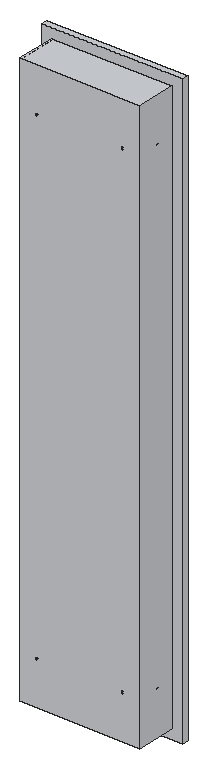
Revit family "AX9233E94_0013", category Appareils sanitaires, Revit 2016
Family settings
  Hôte = Mur
  Type d'élément = Normal
  Cote de connecteur circulaire = Utiliser le diamètre
  Numéro OmniClass = 23.75.00.00
  Titre OmniClass = Climate Control (HVAC)
  Toujours verticalement = Oui
  Couper avec des vides une fois chargée = Non
  Partagée = Non
  Point de calcul de pièce = Non
Parameters (values of type "Type 1")
  URL = "https://www.axeuro.com/fr/combines-2-en-1/15501-combine-distributeur-d-essuie-mains-et-poubelle-ax9233e94.html?search_query=ax9233e94&results=3"
  Modèle = "AX9233E94"  # constant formula
  Matériaux = "\tEn inox 304 (18/10) Bactériostatique"  # constant formula
  Finition = "\tBrossé Poli Satiné HyperPolish"  # constant formula
  Fabricant = "Axeuro"  # constant formula
  Description = "Combiné distributeur d'essuie-mains et poubelle"  # constant formula
Reference planes
  plane 1 "Mur": y = 0
  plane 2 "Centre (gauche/droite)": x = 0
  plane 3 "Arrière": y = 75
  plane 4: z = 0
  plane 5: x = 400
  plane 6: z = 2240
  plane 7: x = -400
Forms (mm)
  Extrusion 1, solid
    sketch origin (-694.809, 76.008, 105.613) x (1, 0, 0) y (0, 0, 1)
      loop
        line (859.809, 1894.65) -> (529.809, 1894.65) -> (529.809, 497.164) -> (859.809, 497.164) -> (859.809, 1894.65)
    from -13.992 to 1.008
  Extrusion 2, solid
    sketch origin (820.378, 76.008, -21.708) x (1, 0, 0) y (0, 0, 1)
      loop
        line (-679.378, 1998.472) -> (-961.378, 1998.472) -> (-961.378, 647.986) -> (-679.378, 647.986) -> (-679.378, 1998.472)
    from 1.008 to 95.008
  Extrusion 3, void
    sketch origin (-18.054, 76.008, -110) x (1, 0, 0) y (0, 0, 1)
      loop
        line (134.919, 1607.895) -> (-98.811, 1607.895)
        arc (-98.811, 1607.895) -> (-104.563, 1605.512) -> (-106.946, 1599.76) r 8.135
        line (-106.946, 1599.76) -> (-106.946, 1366.03)
        arc (-106.946, 1366.03) -> (-104.563, 1360.277) -> (-98.811, 1357.895) r 8.135
        line (-98.811, 1357.895) -> (134.919, 1357.895)
        arc (134.919, 1357.895) -> (140.672, 1360.277) -> (143.054, 1366.03) r 8.135
        line (143.054, 1366.03) -> (143.054, 1599.76)
        arc (143.054, 1599.76) -> (140.672, 1605.512) -> (134.919, 1607.895) r 8.135
    from -28.21 to 15.861
  Extrusion 4, solid
    sketch origin (-15.854, 75, 172.757) x (1, 0, 0) y (0, 0, 1)
      loop
        circle (125.604, 1575.159) r 8.25
    from -15 to -12.919
  Extrusion 5, void
    sketch origin (-18.772, 75, 215.727) x (1, 0, 0) y (0, 0, 1)
      loop
        line (129.522, 1537.139) -> (127.522, 1537.139) -> (127.522, 1527.239) -> (129.522, 1527.239) -> (129.522, 1537.139)
    from -15 to -12.919
  Extrusion 6, solid, not visible
    sketch origin (2.754, 75, -43.399) x (1, 0, 0) y (0, 0, 1)
      loop
        circle (125.604, 1575.159) r 8.25
    from -15 to -12.919
  Extrusion 7, void, not visible
    sketch origin (-0.165, 75, -0.43) x (1, 0, 0) y (0, 0, 1)
      loop
        line (129.522, 1537.139) -> (127.522, 1537.139) -> (127.522, 1527.239) -> (129.522, 1527.239) -> (129.522, 1537.139)
    from -15 to -12.919
  Extrusion 8, solid
    sketch origin (-15.854, 75, -408.131) x (1, 0, 0) y (0, 0, 1)
      loop
        circle (125.604, 1575.159) r 8.25
    from -15 to -12.919
  Extrusion 9, void
    sketch origin (-18.772, 75, -365.162) x (1, 0, 0) y (0, 0, 1)
      loop
        line (129.522, 1537.139) -> (127.522, 1537.139) -> (127.522, 1527.239) -> (129.522, 1527.239) -> (129.522, 1537.139)
    from -15 to -12.919
  Extrusion 10, void
    sketch origin (0, 76.008, 0) x (1, 0, 0) y (0, 0, 1)
      loop
        line (125, 1497.895) -> (-125, 1497.895) -> (-125, 1247.895) -> (125, 1247.895) -> (125, 1497.895)
    from -13.992 to 85.1
  Extrusion 11, void
    sketch origin (0, 7.355, -10.751) x (0, 1, 0) y (0, 0, 1)
      loop
        circle (21.632, 1883.772) r 3
    from 139.1 to 140.963
  Extrusion 12, void
    sketch origin (0, 76.008, 0) x (1, 0, 0) y (0, 0, 1)
      loop
        line (139.1, 1974.864) -> (-139.1, 1974.864) -> (-139.1, 628.178) -> (139.1, 628.178) -> (139.1, 1974.864)
    from -12.092 to 93.108
  Extrusion 13, void
    sketch origin (1.96, -94, -22.853) x (1, 0, 0) y (0, 0, 1)
      loop
        circle (-101.96, 1895.874) r 3
    from -76.9 to -75
  Extrusion 14, void
    sketch origin (-1.96, -94, -22.853) x (-1, 0, 0) y (0, 0, -1)
      loop
        circle (-101.96, -1895.874) r 3
    from -76.9 to -75
  Extrusion 15, void
    sketch origin (1.96, -94.992, 2625.894) x (1, 0, 0) y (0, 0, 1)
      loop
        circle (-101.96, -1895.874) r 3
    from -77.892 to -75.992
  Extrusion 16, void
    sketch origin (-1.96, -94.992, 2625.894) x (-1, 0, 0) y (0, 0, -1)
      loop
        circle (-101.96, 1895.874) r 3
    from -77.892 to -75.992
  Extrusion 17, void
    sketch origin (0, 7.355, -1153.751) x (0, 1, 0) y (0, 0, 1)
      loop
        circle (21.632, 1883.772) r 3
    from 139.1 to 140.963
  Extrusion 18, void
    sketch origin (0, 7.355, -10.751) x (0, 1, 0) y (0, 0, -1)
      loop
        circle (21.632, -1883.772) r 3
    from 139.1 to 140.963
  Extrusion 19, void
    sketch origin (0, 7.355, -1153.751) x (0, 1, 0) y (0, 0, -1)
      loop
        circle (21.632, -1883.772) r 3
    from 139.1 to 140.963
Cuts and joins
  Extrusion 3, Extrusion 5, Extrusion 9, Extrusion 12, Extrusion 14 cuts Extrusion 1
  Extrusion 3, Extrusion 10, Extrusion 11, Extrusion 12, Extrusion 13, Extrusion 14, Extrusion 15, Extrusion 16, Extrusion 17, Extrusion 18, Extrusion 19 cuts Extrusion 2
  Extrusion 5, Extrusion 9 cuts Extrusion 4
  Extrusion 9 cuts Extrusion 8
Text (mm)
  text "Côté de la mise en place" at (-1820.995, 1116.779, 0), in view "Niveau de réf."
  text "Côté de la mise en place" at (0, 1334.055, 2976.191), in view "Gauche"
  text "Côté de la mise en place" at (0, 439.194, 2944.362), in view "Droite"
Dimensions and locks
  locked: plane 3 "Arrière" to host wall
  aligned and locked: plane 1 "Mur" to host wall
  aligned and locked: host sketch curve to plane 7
  aligned and locked: host sketch curve to plane 4
  aligned and locked: host sketch curve to plane 5
  aligned and locked: host sketch curve to plane 6
